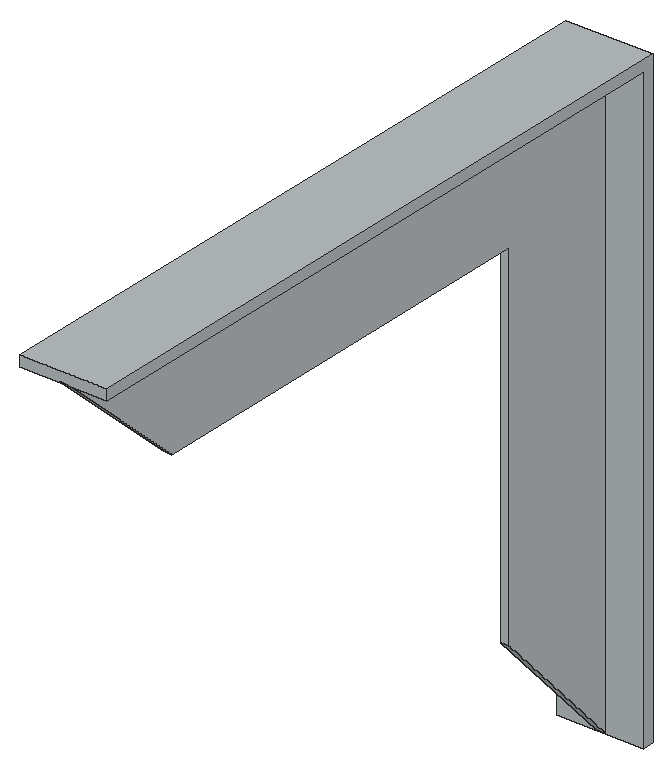
Revit family "Wall-Bracket-Bench_EH-1416B_Rakks", category Specialty Equipment, Revit 2023
Family settings
  Round Connector Dimension = Use Diameter
  Part Type = Normal
  OmniClass Number = 23.40.20.11.21
  OmniClass Title = Racks and Hangers
  Work Plane-Based = No
  Enable Cutting in Views = No
  Always vertical = Yes
  Cut with Voids When Loaded = No
  Maintain Annotation Orientation = No
  Shared = Yes
  Room Calculation Point = No
Parameters
  Warranty Duration (Years) = 0
  Vertical Member Length = 1' - 2 1/4"
  Unit Depth = 1' - 3 3/4"
  URL = "http://www.rakks.com/"
  Test Data = "http://www.rakks.com/pdfs/Rangine_Corporation_Leed_Statement.pdf"
  Specification = "http://www.arcat.com/sdspecs/htm/10670rak.htm"
  Send Message = "http://www.arcat.com/users.pl?action=UserEmail&company=Rangine%20Corp.%20-%20Rakks&coid=35076&rep=116&fax=781-455-8702&mf="
  Sales Information = "http://store.rakks.com/"
  Rib Thickness = 0' - 0 3/16"
  Rib Depth = 0' - 3"
  Revision = "R1_03-2010"
  Product Properties = "http://www.arcat.com/bim/bim_info.pl?fn=Shelving_Rakks"
  Product Data = "http://www.arcat.com/arcatcos/cos35/arc35076.html"
  Model = ""
  Material = Metal - Mill
  Manufacturer Website = "http://www.rakks.com/"
  Manufacturer Phone - Toll Free = "800-826-6006"
  Manufacturer Phone = "781-455-8700"
  Manufacturer Fax = "781-455-8702"
  Manufacturer Address = "330 Reservoir St., Needham, MA 02494"
  Manufacturer = "Rangine Corp. - Rakks"
  Maintenance Schedule (Months) = 0
  Keynote = "10 56 00"
  Installation-Fabrication = "http://www.rakks.com/literature/install.html"
  Installation Phase = ""
  Green Building-LEED = "http://www.arcat.com/green/clients/leed_data_35076.html"
  Expected Lifespan (Years) = 0
  Drawn By = "Robert S. Weygant, CSI, CDT, SCIP"
  Description = ""
  Default Elevation = 0' - 0"
  Copyright = "2010, ARCAT, Inc"
  Construction Details = "http://www.arcat.com/details/rangine/rangine.html?coid=35076"
  Capacity (Weight) = 0.00 lbf
  Building Codes = ""
  Assembly Code = "E1010500"
Reference planes (in)
  plane 1 "Back": y = 0
  plane 2: z = 0
  plane 3 "Center (Left/Right)": x = 0
  plane 4: z = -14.25
  plane 5: y = -15.75
  plane 6: y = -3
  plane 7: z = -3
  plane 8: x = -0.09375
  plane 9: x = 0.09375
Forms (in)
  Extrusion 1, solid, material "Metal - Mill" <- "Material"
    sketch origin (0, 0, -0.5821) x (0, 1, 0) y (0, 0, 1)
      loop
        line (0, -13.6679) -> (0, 0.5821) -> (-15.75, 0.5821) -> (-15.75, 0.3321) -> (-0.25, 0.3321) -> (-0.25, -13.6679) -> (0, -13.6679)
    from -1 to 1
  Extrusion 2, solid, material "Metal - Mill" <- "Material"
    sketch origin (0, 0, -0.5821) x (0, 1, 0) y (0, 0, 1)
      loop
        line (-3, -10.6679) -> (-0.25, -13.66311) -> (-0.25, 0.3321) -> (-15.75, 0.3321) -> (-12.75, -2.4179) -> (-3, -2.4179) -> (-3, -10.6679)
    from -0.09375 to 0.09375
Dimensions and locks (in)
  "Unit Depth": plane 1 "Back" to plane 5
  "Vertical Member Length": level to plane 4
  "Rib Depth": Extrusion 2 sketch curve to plane 5
  "Rib Depth": Extrusion 2 sketch curve to plane 4
  "Rib Depth": plane 1 "Back" to plane 6
  "Rib Depth": level to plane 7
  equal spacing: plane 9, plane 3 "Center (Left/Right)", plane 8
  "Rib Thickness": plane 9 to plane 8
  aligned and locked: plane 6 to Extrusion 2 sketch curve
  aligned and locked: plane 7 to Extrusion 2 sketch curve
  aligned and locked: Extrusion 2 to plane 8
  aligned and locked: Extrusion 2 to plane 9
Automatic sketch dimensions
  Extrusion 1 sketch curve to plane 5 = 0' - 0"
  Extrusion 1 sketch curve to plane 4 = 0' - 0"
  Extrusion 1 sketch curve to plane 1 "Back" = 0' - 0"
  Extrusion 1 sketch curve to level = 0' - 0 1/4"
  Extrusion 1 sketch curve to level = 0' - 0"
  Extrusion 1 sketch curve to Extrusion 1 sketch curve = 0' - 0 1/4"
  plane 1 "Back" to Extrusion 2 sketch curve = 0' - 0 1/4"
  Extrusion 2 sketch curve to level = 0' - 0 1/4"
  Extrusion 2 sketch curve to plane 5 = 0' - 0"
  plane 4 to Extrusion 2 sketch curve = 0' - 0.00479"
